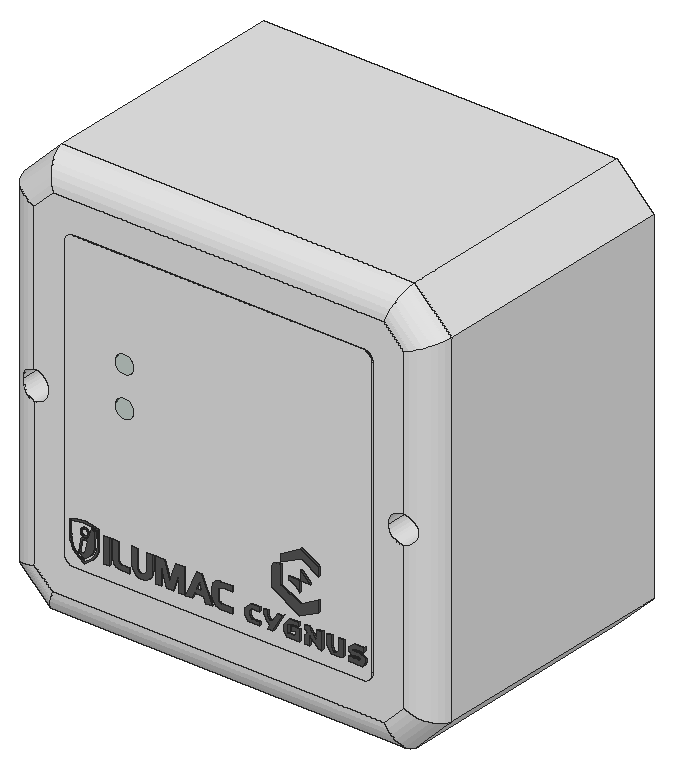
Revit family "Módulo de Comando Endereçável Cygnus MSC-G ILUMAC", category Dispositivos de alarme de incêndio, Revit 2022
Family settings
  Cota do conector redondo = Utilizar diâmetro
  Tipo de parte = Normal
  Número OmniClass = 23.80.30.11.17
  Título OmniClass = Distribution Boards and Control Panels
  Com base no plano de trabalho = Não
  Sempre na vertical = Sim
  Corte com vazios quando carregada = Não
  Manter orientação da anotação = Não
  Compartilhado = Não
  Ponto de cálculo do ambiente = Não
Parameters (values of type "MSC-G")
  Umidade relativa = "0 à 95% (sem condensação)"
  Tipo de saída = "1 saída contato seco SPDT-NA\r\n1 saída para sirenes convencionais\r\n1 saída contato seco pulso SPDT-NF"
  Tensão nominal = "24Vcc"
  Tensão de operação = "20 a 30Vcc"
  Temperatura de operação = "0 à 50oC"
  Secção máxima do cabo = "2,5mm²"
  Resistor de final de linha (RFL) = "10KΩ - monitora a saída para sirenes"
  Protocolo de comunicação = "CYGNUS (proprietário)"
  Peso = "145g"
  Normas técnicas aplicáveis = "NBR 17240 / ISO 7240-18"
  Modelo = "MSC-G"
  Material da caixa = "Caixa plástica ABS na cor branco"
  Limitação Saída para Sirene = "900mA @ 28Vcc"
  Limitação Saída de Contato Seco = "Tensão máx 30V / 1A (carga resistiva)"
  Grau de proteção = "IP42 (à prova de respingo d’água)"
  Fixação = "Sobrepor c/ entrada superior/inferior para tubo 3/4\""
  Família desenvolvida por = "BIMPREV | @bimprev | suporte@bimprev.com"
  Fabricante = "ILUMAC"
  Endereços utilizados = "1 endereço"
  Endereços programáveis = "001 à 125 (por laço)"
  Elevação padrão = 0 mm
  Dimensões (AxLxP) = "90x90x55mm"
  Descrição = "Módulo de Comando Endereçável Cygnus MSC-G"
  Código do Produto = "007051"
  Consumo da fonte auxiliar ou V+ = "60mA em alarme sem dispositivo*"
  Consumo = "1,5mA em supervisão | 2mA em alarme"
  Acionamento = "Em pré-alarme (não respeita retardo do sistema)\r\nEm alarme (respeita retardo do sistema)\r\nPossui trimpot para retardo externo ao sistema"
Reference planes
  plane 1 "Centro (Frente/Trás)": y = 0
  plane 2: z = 0
  plane 3 "Centro (Esquerda/Direita)": x = 0
Forms (mm)
  Extrusion 1, solid, material "Plastico Modulo"
    sketch origin (3.777, -23.215, 42) x (0, 0, 1) y (-1, 0, 0)
      loop
        line (-29.076, 36.865) -> (-29.076, -29.311) -> (34.675, -29.311) -> (34.675, 36.865) -> (-29.076, 36.865)
    from -23.215 to 36.222
  Sweep 2, solid, material "Plastico Modulo"
    path origin (-1, -60, 44.587) x (0, 0, -1) y (1, 0, 0)
      loop
        line (37.012, 47) -> (-37, 47) -> (-45, 39) -> (-45, -37) -> (-37, -45) -> (37.012, -45) -> (44.642, -37.37) -> (44.642, 39.37) -> (37.012, 47)
    profile origin (46, -60, 44.581) x (-1, 0, 0) y (0, -1, 0)
      loop
        line (12.912, -0.563) -> (6.245, -0.563)
        arc (6.245, -0.563) -> (2.205, -2.033) -> (0.055, -5.756) r 6.285
        line (0.055, -5.756) -> (0.055, -60) -> (12.912, -60) -> (12.912, -0.563)
  Extrusion 3, void
    sketch origin (3.777, 2.235, 42) x (0, 0, 1) y (-1, 0, 0)
      loop
        circle (2.799, -35.436) r 3
      loop
        circle (13.638, 23.827) r 2
      loop
        circle (2.799, 42.99) r 3
      loop
        circle (5.111, 23.827) r 2
    from 31.343 to 61.672
  Extrusion 4, solid, material "Vidro, Verde"
    sketch origin (-35, 0, 0) x (-1, 0, 0) y (0, 0, 1)
      loop
        circle (-14.95, 55.638) r 2
      loop
        circle (-14.95, 47.111) r 2
    from -59.644 to -57.828
  Extrusion 5, solid, material "FrenteMódulo"
    sketch origin (0, 0, 0) x (1, 0, 0) y (0, 0, 1)
      loop
        arc (-33.088, 14.874) -> (-32.497, 13.448) -> (-31.071, 12.857) r 2.017
        line (-31.071, 12.857) -> (31.113, 12.857)
        arc (31.113, 12.857) -> (32.51, 13.435) -> (33.088, 14.832) r 1.975
        line (33.088, 14.832) -> (33.088, 74.672)
        arc (33.088, 74.672) -> (32.501, 76.089) -> (31.085, 76.675) r 2.003
        line (31.085, 76.675) -> (-31.083, 76.675)
        arc (-31.083, 76.675) -> (-32.501, 76.088) -> (-33.088, 74.67) r 2.005
        line (-33.088, 74.67) -> (-33.088, 14.874)
    from 58.403 to 59.605
  Extrusion 6, void
    sketch origin (0, 0, 0) x (1, 0, 0) y (0, 0, 1)
      loop
        circle (-39.549, 44.772) r 3.031
      loop
        circle (39.549, 44.772) r 3.031
    from 45.916 to 61.745
  Extrusion 7, solid, material "PLASTICO PRETO"
    sketch origin (0, 0, 0) x (1, 0, 0) y (0, 0, 1)
      loop
        circle (-39.549, 44.772) r 3.031
      loop
        circle (39.549, 44.772) r 3.031
    from 45.916 to 47.617
  Extrusion 8, solid, material "PLASTICO PRETO"
    sketch origin (-85.114, 0, -121.659) x (-1, 0, 0) y (0, 0, -1)
      loop
        line (-60.576, -142.796) -> (-60.576, -137.413) -> (-61.904, -137.413) -> (-61.904, -142.796) -> (-60.576, -142.796)
      loop
        line (-62.457, -142.796) -> (-62.457, -139.056)
        arc (-62.457, -139.056) -> (-62.939, -137.894) -> (-64.101, -137.413) r 1.644
        line (-64.101, -137.413) -> (-66.179, -137.413) -> (-66.179, -138.565) -> (-64.49, -138.565)
        arc (-64.49, -138.565) -> (-63.991, -138.772) -> (-63.785, -139.27) r 0.705
        line (-63.785, -139.27) -> (-63.785, -142.796) -> (-62.457, -142.796)
      loop
        line (-66.454, -142.796) -> (-66.454, -139.616)
        arc (-66.454, -139.616) -> (-68.812, -137.258) -> (-71.17, -139.616) r 2.358
        line (-71.17, -139.616) -> (-71.17, -142.796) -> (-69.842, -142.796) -> (-69.842, -139.392)
        arc (-69.842, -139.392) -> (-68.812, -138.362) -> (-67.781, -139.392) r 1.03
        line (-67.781, -139.392) -> (-67.781, -142.796) -> (-66.454, -142.796)
      loop
        line (-71.724, -137.413) -> (-73.051, -137.413) -> (-73.051, -140.848) -> (-74.167, -137.413) -> (-75.507, -137.413) -> (-76.578, -140.717) -> (-76.578, -137.413) -> (-77.904, -137.413) -> (-77.904, -142.796) -> (-75.913, -142.796) -> (-74.79, -139.333) -> (-73.664, -142.796) -> (-71.724, -142.796) -> (-71.724, -137.413)
      loop
        line (-78.252, -137.413) -> (-79.626, -137.413) -> (-80.111, -138.565) -> (-82.046, -138.565) -> (-82.532, -137.413) -> (-83.935, -137.413) -> (-81.666, -142.796) -> (-80.518, -142.796) -> (-78.252, -137.413)
      loop
        line (-80.526, -139.55) -> (-81.631, -139.55) -> (-81.15, -141.031) -> (-80.526, -139.55)
      loop
        arc (-85.789, -142.796) -> (-84.331, -142.192) -> (-83.727, -140.734) r 2.061
        line (-83.727, -140.734) -> (-83.727, -139.522)
        arc (-83.727, -139.522) -> (-84.345, -138.031) -> (-85.837, -137.413) r 2.109
        line (-85.837, -137.413) -> (-88.228, -137.413) -> (-88.228, -138.565) -> (-86.183, -138.565)
        arc (-86.183, -138.565) -> (-85.468, -138.861) -> (-85.172, -139.576) r 1.011
        line (-85.172, -139.576) -> (-85.172, -140.604)
        arc (-85.172, -140.604) -> (-85.482, -141.35) -> (-86.228, -141.659) r 1.055
        line (-86.228, -141.659) -> (-88.228, -141.659) -> (-88.228, -142.796) -> (-85.789, -142.796)
    from 58.403 to 59.633
  Extrusion 9, solid, material "PLASTICO PRETO"
    sketch origin (-28.94, 0, -16.059) x (-1, 0, 0) y (0, 0, -1)
      loop
        arc (-1.622, -31.306) -> (-2.841, -32.675) -> (-3.289, -34.452) r 3.855
        line (-3.289, -34.452) -> (-3.315, -37.914)
        arc (-3.315, -37.914) -> (-1.768, -38.363) -> (-0.165, -38.518) r 8.647
        arc (-0.165, -38.518) -> (1.438, -38.362) -> (2.984, -37.912) r 8.647
        line (2.984, -37.912) -> (2.958, -34.685)
        arc (2.958, -34.685) -> (2.456, -32.701) -> (1.094, -31.172) r 4.307
        line (1.094, -31.172) -> (-0.168, -30.304) -> (-1.622, -31.306)
      loop
        circle (-0.25, -36.39) r 0.7
      loop
        arc (-0.049, -35.179) -> (0.328, -35.047) -> (0.539, -34.707) r 0.602
        line (0.539, -34.707) -> (1.106, -32.152) -> (-0.167, -31.275) -> (-1.168, -31.965)
        arc (-1.168, -31.965) -> (-2.134, -33.05) -> (-2.489, -34.458) r 3.055
        line (-2.489, -34.458) -> (-2.511, -37.351)
        arc (-2.511, -37.351) -> (-2.131, -37.461) -> (-1.746, -37.552) r 7.847
        line (-1.746, -37.552) -> (-0.975, -35.178) -> (-0.049, -35.179)
      loop
        line (0.924, -31.419) -> (-0.168, -30.668) -> (-1.452, -31.553)
        arc (-1.452, -31.553) -> (-2.576, -32.816) -> (-2.989, -34.454) r 3.555
        line (-2.989, -34.454) -> (-3.014, -37.708)
        arc (-3.014, -37.708) -> (-1.612, -38.087) -> (-0.165, -38.218) r 8.347
        arc (-0.165, -38.218) -> (1.281, -38.086) -> (2.683, -37.706) r 8.347
        line (2.683, -37.706) -> (2.658, -34.688)
        arc (2.658, -34.688) -> (2.191, -32.841) -> (0.924, -31.419) r 4.007
      loop
        circle (-0.25, -36.39) r 0.9
      loop
        line (0.194, -34.89) -> (0.794, -32.188) -> (-0.342, -32.188) -> (-0.941, -34.89) -> (0.194, -34.89)
    from 58.403 to 59.633
  Extrusion 10, solid, material "PLASTICO PRETO"
    sketch origin (-309.87, 150, -151.884) x (-1, 0, 0) y (0, 0, 1)
      loop
        line (-319.017, 171.204) -> (-319.017, 170.333) -> (-317.449, 170.333) -> (-316.876, 169.76) -> (-316.876, 168.964) -> (-317.436, 168.404) -> (-319.017, 168.404) -> (-319.017, 167.595) -> (-316.478, 167.595) -> (-315.909, 168.58) -> (-315.909, 169.931) -> (-317.182, 171.204) -> (-319.017, 171.204)
      loop
        line (-319.852, 171.204) -> (-320.686, 171.204) -> (-320.686, 170.333) -> (-321.124, 169.573) -> (-321.909, 169.573) -> (-322.85, 171.204) -> (-323.981, 171.204) -> (-321.898, 167.595) -> (-320.686, 167.595) -> (-321.288, 168.638) -> (-320.602, 169.034) -> (-319.852, 170.333) -> (-319.852, 171.204)
      loop
        line (-327.411, 171.204) -> (-327.411, 170.358) -> (-326.057, 170.358) -> (-325.169, 169.845) -> (-325.169, 168.358) -> (-326.836, 168.358) -> (-326.836, 169.16) -> (-326.008, 169.16) -> (-326.008, 169.964) -> (-327.57, 169.964) -> (-327.57, 167.595) -> (-324.889, 167.595) -> (-324.286, 168.638) -> (-324.286, 169.68) -> (-325.595, 171.204) -> (-327.411, 171.204)
      loop
        line (-328.742, 167.595) -> (-328.742, 169.213) -> (-329.314, 169.786) -> (-328.742, 170.358) -> (-328.742, 171.204) -> (-329.541, 171.204) -> (-331.318, 169.16) -> (-331.318, 171.204) -> (-332.513, 171.204) -> (-332.513, 167.595) -> (-331.669, 167.595) -> (-329.75, 169.514) -> (-329.75, 167.595) -> (-328.742, 167.595)
      loop
        line (-333.474, 171.204) -> (-334.476, 171.204) -> (-334.476, 169.16) -> (-334.918, 168.211) -> (-335.77, 168.211) -> (-336.167, 168.9) -> (-336.167, 171.204) -> (-337.086, 171.204) -> (-337.086, 167.979) -> (-336.262, 167.595) -> (-334.513, 167.595) -> (-333.474, 169.078) -> (-333.474, 171.204)
      loop
        line (-341.548, 171.204) -> (-341.548, 170.389) -> (-339.474, 170.389) -> (-338.763, 169.891) -> (-340.718, 169.891) -> (-341.805, 169.264) -> (-341.805, 168.433) -> (-341.321, 167.595) -> (-338.264, 167.595) -> (-338.264, 168.604) -> (-340.992, 168.604) -> (-340.304, 169.001) -> (-338.84, 169.001) -> (-338.264, 169.578) -> (-338.264, 170.389) -> (-339.427, 171.204) -> (-341.548, 171.204)
    from -209.92 to -208.97
  Extrusion 11, solid, material "PLASTICO PRETO"
    sketch origin (-292.822, 150, -141.263) x (-1, 0, 0) y (0, 0, 1)
      loop
        line (-310.717, 161.971) -> (-304.655, 165.339) -> (-304.655, 169.136)
        arc (-304.655, 169.136) -> (-305.257, 170.285) -> (-306.545, 170.442) r 1.396
        line (-306.545, 170.442) -> (-306.545, 166.394) -> (-310.799, 164.319) -> (-314.71, 166.434) -> (-314.71, 163.918) -> (-310.717, 161.971)
      loop
        line (-306.623, 170.841) -> (-306.623, 172.551) -> (-310.871, 175.004) -> (-314.71, 172.833) -> (-314.71, 170.829) -> (-310.954, 172.953) -> (-306.623, 170.841)
      loop
        line (-312.917, 168.767) -> (-310.796, 168.767) -> (-310.796, 170.889) -> (-312.917, 168.767)
      loop
        line (-310.644, 168.777) -> (-310.644, 166.45)
        arc (-310.644, 166.45) -> (-309.548, 167.448) -> (-308.166, 167.983) r 4.044
        line (-308.166, 167.983) -> (-308.166, 168.777) -> (-310.644, 168.777)
    from -209.92 to -208.97
Cuts and joins
  Extrusion 3 cuts Extrusion 5
  Extrusion 6 cuts Extrusion 1
  Extrusion 6 cuts Sweep 2
  joined: Extrusion 1, Sweep 2
Dimensions and locks
  aligned and locked: level to plane 2
